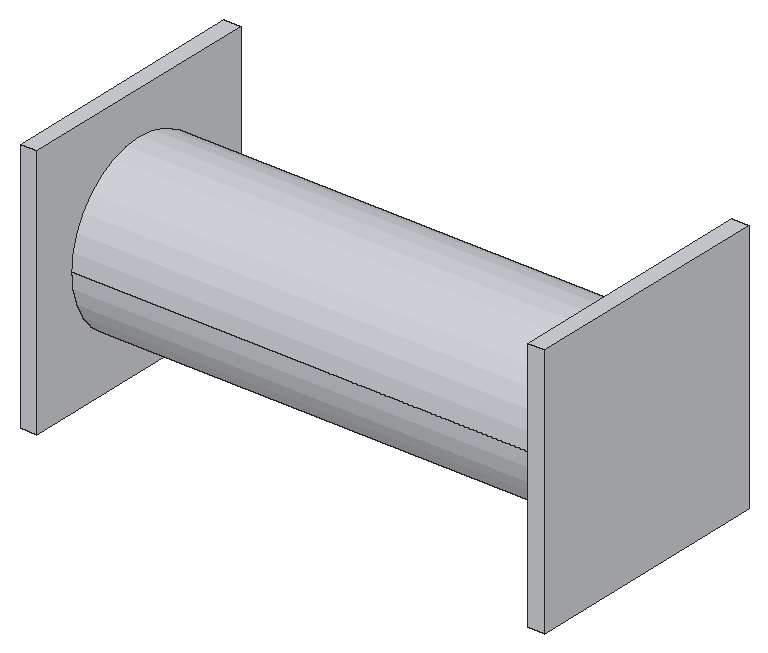
Revit family "Jack_test", category 一般模型, Revit 2019
Family settings
  可以作為鋼筋主體 = 否
  圓形接點標註 = 使用直徑
  組件類型 = 正常
  以工作平面為基礎 = 否
  總是垂直 = 是
  載入時使用空心切割 = 是
  共用 = 否
  房間計算點 = 否
Parameters
  r = 100 mm
  V = 600 mm
  L = 600 mm
  H [instance] = 300 mm
  B [instance] = 300 mm
Reference planes
  plane 1 "中心 (前/後)": y = 0
  plane 2: z = 0
  plane 3 "中心 (左/右)": x = 0
  plane 4: y = 150
  plane 5: y = -150
  plane 6: z = 150
  plane 7: z = -150
  plane 8: x = -310
  plane 9: x = -290
  plane 10: x = 310
  plane 11: x = 290
  plane 12: y = -300
  plane 13: y = 300
  plane 14: z = 300
  plane 15: z = -300
Forms (mm)
  Extrusion 1, solid
    sketch origin (0, 0, 0) x (0, 1, 0) y (0, 0, 1)
      loop
        line (150, 150) -> (-150, 150) -> (-150, -150) -> (150, -150) -> (150, 150)
    from 290 to 310
  Extrusion 2, solid
    sketch origin (0, 0, 0) x (0, 1, 0) y (0, 0, 1)
      loop
        line (150, 150) -> (-150, 150) -> (-150, -150) -> (150, -150) -> (150, 150)
    from -310 to -290
  Extrusion 3, solid
    sketch origin (0, 0, 0) x (0, 1, 0) y (0, 0, 1)
      loop
        circle (0, 0) r 100
    from -290 to 290
  Extrusion 4, void
    sketch origin (0, 0, 0) x (0, 1, 0) y (0, 0, 1)
      loop
        line (300, 300) -> (-300, 300) -> (-300, -300) -> (300, -300) -> (300, 300)
    from -310 to 310
Dimensions and locks
  equal spacing: plane 4, plane 1 "中心 (前/後)", plane 5
  equal spacing: plane 6, level, plane 7
  "H": plane 6 to plane 7
  "B": plane 4 to plane 5
  locked: plane 9 to plane 8 at 20
  locked: plane 11 to plane 10 at 20
  equal spacing: plane 10, plane 3 "中心 (左/右)", plane 8
  "L": plane 11 to plane 8
  equal spacing: plane 13, plane 1 "中心 (前/後)", plane 12
  equal spacing: plane 14, level, plane 15
  "V": plane 13 to plane 12
  "V": plane 14 to plane 15
  "r": radius of Extrusion 3 sketch curve
  aligned and locked: level to plane 2
  aligned and locked: plane 6 to Extrusion 1
  aligned and locked: Extrusion 1 to plane 5
  aligned and locked: Extrusion 1 to plane 7
  aligned and locked: Extrusion 1 to plane 4
  aligned and locked: Extrusion 2 to plane 8
  aligned and locked: plane 9 to Extrusion 2
  aligned and locked: Extrusion 1 to plane 10
  aligned and locked: plane 11 to Extrusion 1
  aligned and locked: Extrusion 3 to Extrusion 2
  aligned and locked: Extrusion 3 to plane 11
  aligned and locked: Extrusion 4 to plane 8
  aligned and locked: Extrusion 4 to plane 10
  aligned and locked: plane 14 to Extrusion 4 sketch curve
  aligned and locked: Extrusion 4 sketch curve to plane 12
  aligned and locked: Extrusion 4 sketch curve to plane 13
  aligned and locked: plane 15 to Extrusion 4 sketch curve
Automatic sketch dimensions
  Extrusion 1 sketch curve to plane 5 = 0 mm
  Extrusion 1 sketch curve to plane 4 = 0 mm
  Extrusion 1 sketch curve to plane 7 = 0 mm
  Extrusion 1 sketch curve to plane 6 = 0 mm
  Extrusion 2 sketch curve to plane 5 = 0 mm
  Extrusion 2 sketch curve to plane 4 = 0 mm
  Extrusion 2 sketch curve to plane 7 = 0 mm
  Extrusion 2 sketch curve to plane 6 = 0 mm
  Extrusion 3 sketch curve to level = 0 mm
  Extrusion 3 sketch curve to plane 1 "中心 (前/後)" = 0 mm
